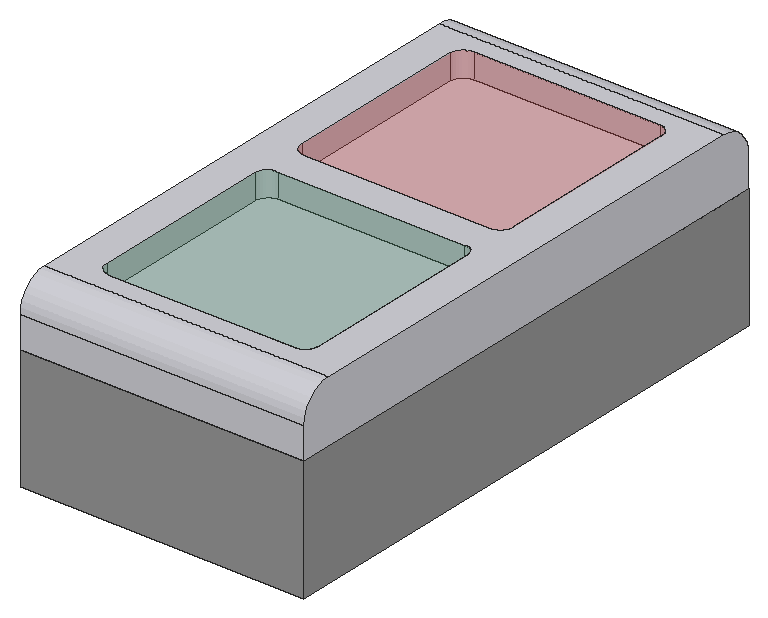
Revit family "Domotics-DomesticRanges-GEWISS-CHORUS_SIGNALLING-LAMP_DOPPIE_1M", category Apparecchi elettrici, host Superficie, Revit 2016
Family settings
  Host = Superficie
  Mantenere orientamento annotazione = Sì
  Tipo di parte = Normale
  Quota connettore circolare = Usa diametro
  Taglio con vuoti quando caricato = Sì
  Condiviso = Sì
  Punto di calcolo locali = Sì
Parameters (values of type "GW14629 - Double red/grn indicator lamp, titanium")
  Version file RFA = "19.0"
  URL = "https://www.gewiss.com/ww/en"
  Tipo_ = Chorus Spie Doppie 1M_GENERICO : GW14629 Spia di segnalazione doppia rosso/verde titanio
  Technical sheet = "https://www.gewiss.com/ww/en/search?q=GW14629"
  Simbolo [instance] = yes
  Signalling unit = "With wired lead"
  SEO = "Indicator"
  Realized by GEWISS S.p.A. = ""
  Default Elevation = 1219.2 mm
  Produttore = "GEWISS S.p.A."
  Offset_spie [instance] = 10 mm
  Offset_bidimensionale [instance] = 2 mm
  No. Chorus modules: = "1"
  No. Chorus modules = "1"
  Modello = "GW14629"
  Immagine tipo = GW14629.jpg
  IFC.TypeObject = ""
  IFC.ExportType = ""
  IFC.ExportAs = ""
  IDT = "d8a86530-3b18-4f53-a409-0b95887879fe"
  IDF = "08717724-49fc-4206-85ed-fa04fe0284d9"
  Electrocod = "0132"
  EAN code = "8011564268531"
  Distanza_effettiva_x [instance] = 1500 mm - Distanza_x  # 1500 mm
  Distanza_x [instance] = 0 mm
  Diffuser colour = "Red/green"
  Descrizione = "DOUBLE RED/GRN INDICATOR LAMP, TITANIUM"
  Description. = "Double flat indicator lamp"
  Colour = "Titanium"
  Catalogue Range = "CHORUS - DOMESTIC RANGE"
  Catalogue = "DOMOTICS"
  COBie.Tagnumber = ""
  COBie.CreatedOn = ""
  COBie.CreatebBy = ""
  COBie.ComponentRegisterItemID = ""
  COBie.Component.TagNumber = ""
  COBie.Component.Space = ""
  COBie.Component.SerialNumber = ""
  COBie.Component.InstallationDate = ""
  COBie.Component.Description = ""
  COBie.Component.BarCode = ""
Types (6, lengths in mm): name | Tipo_ | Technical sheet | Offset_spie | Modello | Immagine tipo | IDT | EAN code | Diffuser colour | Descrizione | Colour
  GW10628 - Double transparent indicator lamp, white | Chorus Spie Doppie 1M_GENERICO : GW10628 Spia di segnalazione doppia trasparente bianco | "https://www.gewiss.com/ww/en/search?q=GW10628" | 0 | "GW10628" | GW10628.jpg | "d3427fb9-f8cd-44ad-8d6d-73d6785038e4" | "8011564259645" | "Opal" | "DOUBLE TRANSPARENT INDICATOR LAMP, WHITE" | "White"
  GW10629 - Double red/green indicator lamp, white | Chorus Spie Doppie 1M_GENERICO : GW10629 Spia di segnalazione doppia rosso/verde bianco | "https://www.gewiss.com/ww/en/search?q=GW10629" | 10 | "GW10629" | GW10629.jpg | "4ddfc036-2bdb-421a-824d-3150ee5207a7" | "8011564259652" | "Red/green" | "DOUBLE RED/GREEN INDICATOR LAMP, WHITE" | "White"
  GW12628 - Double transparent indicator lamp, black | Chorus Spie Doppie 1M_GENERICO : GW12628 Spia di segnalazione doppia trasparente nero | "https://www.gewiss.com/ww/en/search?q=GW12628" | 10 | "GW12628" | GW12628.jpg | "c74ec2f5-6c78-4e6e-ac0a-1408a7ca0df9" | "8011564269279" | "Opal" | "DOUBLE TRANSPARENT INDICATOR LAMP, BLACK" | "Black"
  GW12629 - Double red/green indicator lamp, black | Chorus Spie Doppie 1M_GENERICO : GW12629 Spia di segnalazione doppia rosso/verde nero | "https://www.gewiss.com/ww/en/search?q=GW12629" | 10 | "GW12629" | GW12629.jpg | "db2f37fc-2e8d-48bb-b5b3-63de6b4f7717" | "8011564269286" | "Red/green" | "DOUBLE RED/GREEN INDICATOR LAMP, BLACK" | "Black"
  GW14628 - Double transp indicator lamp, titanium | Chorus Spie Doppie 1M_GENERICO : GW14628 Spia di segnalazione doppia trasparente titanio | "https://www.gewiss.com/ww/en/search?q=GW14628" | 10 | "GW14628" | GW14628.jpg | "3efe8a7d-f345-4ee7-a812-cc5cd0ef4b0f" | "8011564268524" | "Opal" | "DOUBLE TRANSP INDICATOR LAMP, TITANIUM" | "Titanium"
  GW14629 - Double red/grn indicator lamp, titanium | Chorus Spie Doppie 1M_GENERICO : GW14629 Spia di segnalazione doppia rosso/verde titanio | "https://www.gewiss.com/ww/en/search?q=GW14629" | 10 | "GW14629" | GW14629.jpg | "d8a86530-3b18-4f53-a409-0b95887879fe" | "8011564268531" | "Red/green" | "DOUBLE RED/GRN INDICATOR LAMP, TITANIUM" | "Titanium"
Reference planes
  plane 1 "Centro (Fronte/Retro)": y = 0
  plane 2: z = 0
  plane 3 "Centro (Sinistra/Destra)": x = 0
  plane 4: x = 0
  plane 5: x = -1500
  plane 6: z = 25
  plane 7: z = 10
  plane 8: z = 27
  plane 9: x = -11.5
  plane 10: x = 11.5
Lines and regions (mm)
  Masking region 1
    outline origin (0, 0, 0) x (1, 0, 0) y (0, 0, 1)
      loop
        line (-11.5, 25) -> (-11.5, 10) -> (11.5, 10) -> (11.5, 25) -> (-11.5, 25)
  model lines, style "ElectricalFixtures", not visible, detail levels coarse
    curve 1: arc (-107.525, 18.484, 0) -> (-108.277, 18.172, 0) -> (-108.588, 17.42, 0) r 1.064
    curve 2: arc (-92.476, 1.296, 0) -> (-91.721, 1.609, 0) -> (-91.408, 2.364, 0) r 1.068
    curve 3: arc (-91.408, 17.419, 0) -> (-91.72, 18.172, 0) -> (-92.473, 18.484, 0) r 1.065
    curve 4: arc (-108.588, 2.354, 0) -> (-108.292, 1.619, 0) -> (-107.569, 1.296, 0) r 1.058
    curve 5: arc (-108.594, -17.418, 0) -> (-108.282, -18.172, 0) -> (-107.528, -18.485, 0) r 1.066
    curve 6: arc (-91.411, -2.371, 0) -> (-91.722, -1.62, 0) -> (-92.472, -1.309, 0) r 1.062
    curve 7: arc (-92.475, -18.485, 0) -> (-91.722, -18.173, 0) -> (-91.411, -17.42, 0) r 1.064
    curve 8: arc (-107.565, -1.309, 0) -> (-108.295, -1.638, 0) -> (-108.594, -2.381, 0) r 1.073
    curve 9: line (-88.5, -22.5, 0) -> (-88.5, 22.5, 0)
    curve 10: line (-88.5, 22.5, 0) -> (-111.5, 22.5, 0)
    curve 11: line (-111.5, 22.5, 0) -> (-111.5, -22.5, 0)
    curve 12: line (-111.5, -22.5, 0) -> (-88.5, -22.5, 0)
    curve 13: line (-92.476, 1.296, 0) -> (-107.569, 1.296, 0)
    curve 14: line (-91.408, 17.419, 0) -> (-91.408, 2.364, 0)
    curve 15: line (-107.525, 18.484, 0) -> (-92.473, 18.484, 0)
    curve 16: line (-108.588, 2.354, 0) -> (-108.588, 17.42, 0)
    curve 17: line (-92.472, -1.309, 0) -> (-107.565, -1.309, 0)
    curve 18: line (-91.411, -17.42, 0) -> (-91.411, -2.371, 0)
    curve 19: line (-107.528, -18.485, 0) -> (-92.475, -18.485, 0)
    curve 20: line (-108.594, -2.381, 0) -> (-108.594, -17.418, 0)
  model lines, style "ElectricalFixtures", detail levels coarse
    curve 21: arc (-7.525, 18.484, 27) -> (-8.277, 18.172, 27) -> (-8.588, 17.42, 27) r 1.064
    curve 22: arc (7.524, 1.296, 27) -> (8.279, 1.609, 27) -> (8.592, 2.364, 27) r 1.068
    curve 23: arc (8.592, 17.419, 27) -> (8.28, 18.172, 27) -> (7.527, 18.484, 27) r 1.065
    curve 24: arc (-8.588, 2.354, 27) -> (-8.292, 1.619, 27) -> (-7.569, 1.296, 27) r 1.058
    curve 25: arc (-8.594, -17.418, 27) -> (-8.282, -18.172, 27) -> (-7.528, -18.485, 27) r 1.066
    curve 26: arc (8.589, -2.371, 27) -> (8.278, -1.62, 27) -> (7.528, -1.309, 27) r 1.062
    curve 27: arc (7.525, -18.485, 27) -> (8.278, -18.173, 27) -> (8.589, -17.42, 27) r 1.064
    curve 28: arc (-7.565, -1.309, 27) -> (-8.295, -1.638, 27) -> (-8.594, -2.381, 27) r 1.073
    curve 29: line (11.5, -22.5, 27) -> (11.5, 22.5, 27)
    curve 30: line (11.5, 22.5, 27) -> (-11.5, 22.5, 27)
    curve 31: line (-11.5, 22.5, 27) -> (-11.5, -22.5, 27)
    curve 32: line (-11.5, -22.5, 27) -> (11.5, -22.5, 27)
    curve 33: line (7.524, 1.296, 27) -> (-7.569, 1.296, 27)
    curve 34: line (8.592, 17.419, 27) -> (8.592, 2.364, 27)
    curve 35: line (-7.525, 18.484, 27) -> (7.527, 18.484, 27)
    curve 36: line (-8.588, 2.354, 27) -> (-8.588, 17.42, 27)
    curve 37: line (7.528, -1.309, 27) -> (-7.565, -1.309, 27)
    curve 38: line (8.589, -17.42, 27) -> (8.589, -2.371, 27)
    curve 39: line (-7.528, -18.485, 27) -> (7.525, -18.485, 27)
    curve 40: line (-8.594, -2.381, 27) -> (-8.594, -17.418, 27)
Dimensions and locks
  "Distanza_x": plane 4 to plane 3 "Centro (Sinistra/Destra)"
  "Distanza_effettiva_x": plane 5 to plane 4
  plane 5 to plane 3 "Centro (Sinistra/Destra)" = 1500 mm
  "Offset_spie": plane 7 to plane 2
  "Offset_bidimensionale": plane 8 to plane 6
  locked: plane 6 to plane 7 at 15
  aligned and locked: plane 2 to host face
  aligned and locked: level to host face
  aligned and locked: plane 3 "Centro (Sinistra/Destra)" to nested 1
  aligned and locked: plane 4 to nested 2
  aligned and locked: curve 32 to plane 8
  aligned and locked: plane 6 to nested 1
  aligned and locked: Masking region 1 sketch curve to plane 6
  aligned and locked: plane 9 to Masking region 1 sketch curve
  aligned and locked: plane 7 to Masking region 1 sketch curve
  aligned and locked: Masking region 1 sketch curve to plane 10
Automatic sketch dimensions
  host sketch curve to host sketch curve = 2438.4 mm  (x2)
  curve 11 to curve 20 = 2.906 mm
  curve 8 to curve 16 = 0.006 mm
  curve 16 to curve 13 = 1.019 mm
  curve 20 to curve 17 = 1.029 mm
  curve 16 to curve 4 = 1.058 mm
  curve 20 to curve 5 = 1.066 mm
  curve 16 to curve 1 = 1.064 mm
  curve 20 to curve 8 = 1.073 mm
  curve 4 to curve 2 = 15.054 mm
  curve 5 to curve 19 = 15.053 mm
  curve 1 to curve 3 = 15.052 mm
  curve 2 to curve 17 = 0.004 mm
  curve 6 to curve 18 = 1.062 mm
  curve 2 to curve 14 = 1.068 mm
  curve 15 to curve 10 = 3.973 mm
  curve 9 to curve 19 = 4.015 mm
  curve 5 to curve 20 = 15.037 mm
  curve 8 to curve 13 = 2.605 mm
  curve 2 to curve 14 = 15.055 mm
  curve 15 to curve 9 = 4.016 mm
  curve 31 to curve 40 = 2.906 mm
  curve 28 to curve 36 = 0.006 mm
  curve 36 to curve 33 = 1.019 mm
  curve 40 to curve 37 = 1.029 mm
  curve 36 to curve 24 = 1.058 mm
  curve 40 to curve 25 = 1.066 mm
  curve 36 to curve 21 = 1.064 mm
  curve 40 to curve 28 = 1.073 mm
  curve 24 to curve 22 = 15.054 mm
  curve 25 to curve 39 = 15.053 mm
  curve 21 to curve 23 = 15.052 mm
  curve 22 to curve 37 = 0.004 mm
  curve 26 to curve 38 = 1.062 mm
  curve 22 to curve 34 = 1.068 mm
  curve 35 to curve 30 = 3.973 mm
  curve 29 to curve 39 = 4.015 mm
  curve 25 to curve 40 = 15.037 mm
  curve 28 to curve 33 = 2.605 mm
  curve 22 to curve 34 = 15.055 mm
  curve 35 to curve 29 = 4.016 mm
Nested families
  nested 1: "Chorus Spie Doppie 1M_GENERICO" at (0, 0, 10), type <- "Tipo_", type "GW14629 Spia di segnalazione doppia rosso/verde titanio", detail levels medium+fine
  nested 2: "SPIE" at (0, -49.172, 0), SIMBOLO <- "Simbolo", type "SPIE DOPPIE"
    with SIMBOLO yes, Distanza dal muro 2 mm, BORDO ACCESO yes
Definition of nested family "Chorus Spie Doppie 1M_GENERICO"
  Parameters (values of type "GW10629 Spia di segnalazione doppia rosso/verde bianco")
    Sp_base = 10 mm
    Finitura Chorus Spia Doppia Trasparente Sopra = none
    Finitura Chorus Doppia Trasparente sotto = none
    Finitura Chorus Doppia Spia Placca = none
    Altezza da Terra = 750 mm
  Types (6): name
    GW10628 Spia di segnalazione doppia trasparente bianco
    GW10629 Spia di segnalazione doppia rosso/verde bianco
    GW12628 Spia di segnalazione doppia trasparente nero
    GW12629 Spia di segnalazione doppia rosso/verde nero
    GW14628 Spia di segnalazione doppia trasparente titanio
    GW14629 Spia di segnalazione doppia rosso/verde titanio
  Reference planes
    plane 1 "Centro (Fronte/Retro)": y = 0
    plane 2: z = 0
    plane 3 "Centro (Sinistra/Destra)": x = 0
    plane 4: x = -11.5
    plane 5: x = 11.5
    plane 6: z = 10
    plane 7: z = 13
    plane 8: y = 22.5
    plane 9: y = -22.5
  Forms (mm)
    Extrusion 1, solid, material <- "Finitura Chorus Doppia Spia Placca"
      sketch origin (0, -772.5, 16.25) x (0, 0, -1) y (0, 1, 0)
        loop
          line (3.75, 750) -> (6.25, 750) -> (6.25, 795) -> (3.75, 795)
          arc (3.75, 795) -> (1.982, 794.268) -> (1.25, 792.5) r 2.5
          line (1.25, 792.5) -> (1.25, 752.5)
          arc (1.25, 752.5) -> (1.982, 750.732) -> (3.75, 750) r 2.5
      from -11.5 to 11.5
    Extrusion 2, void
      sketch origin (0, -772.5, 16.25) x (1, 0, 0) y (0, 1, 0)
        loop
          arc (-7.525, 790.984) -> (-8.277, 790.672) -> (-8.588, 789.92) r 1.064
          line (-8.588, 789.92) -> (-8.588, 774.854)
          arc (-8.588, 774.854) -> (-8.292, 774.119) -> (-7.569, 773.796) r 1.058
          line (-7.569, 773.796) -> (7.524, 773.796)
          arc (7.524, 773.796) -> (8.279, 774.109) -> (8.592, 774.864) r 1.068
          line (8.592, 774.864) -> (8.592, 789.919)
          arc (8.592, 789.919) -> (8.28, 790.672) -> (7.527, 790.984) r 1.065
          line (7.527, 790.984) -> (-7.525, 790.984)
        loop
          line (7.528, 771.191) -> (-7.565, 771.191)
          arc (-7.565, 771.191) -> (-8.295, 770.862) -> (-8.594, 770.119) r 1.073
          line (-8.594, 770.119) -> (-8.594, 755.082)
          arc (-8.594, 755.082) -> (-8.282, 754.328) -> (-7.528, 754.015) r 1.066
          line (-7.528, 754.015) -> (7.525, 754.015)
          arc (7.525, 754.015) -> (8.278, 754.327) -> (8.589, 755.08) r 1.064
          line (8.589, 755.08) -> (8.589, 770.129)
          arc (8.589, 770.129) -> (8.278, 770.88) -> (7.528, 771.191) r 1.062
      from -3.25 to 0
    Extrusion 3, solid, material <- "Finitura Chorus Spia Doppia Trasparente Sopra"
      sketch origin (0, -772.5, 16.25) x (1, 0, 0) y (0, 1, 0)
        loop
          arc (-7.525, 790.984) -> (-8.277, 790.672) -> (-8.588, 789.92) r 1.064
          line (-8.588, 789.92) -> (-8.588, 774.854)
          arc (-8.588, 774.854) -> (-8.292, 774.119) -> (-7.569, 773.796) r 1.058
          line (-7.569, 773.796) -> (7.524, 773.796)
          arc (7.524, 773.796) -> (8.279, 774.109) -> (8.592, 774.864) r 1.068
          line (8.592, 774.864) -> (8.592, 789.919)
          arc (8.592, 789.919) -> (8.28, 790.672) -> (7.527, 790.984) r 1.065
          line (7.527, 790.984) -> (-7.525, 790.984)
      from -3.25 to -1.25
    Extrusion 4, solid, material <- "Finitura Chorus Doppia Trasparente sotto"
      sketch origin (0, -772.5, 16.25) x (1, 0, 0) y (0, 1, 0)
        loop
          arc (-7.565, 771.191) -> (-8.295, 770.862) -> (-8.594, 770.119) r 1.073
          line (-8.594, 770.119) -> (-8.594, 755.082)
          arc (-8.594, 755.082) -> (-8.282, 754.328) -> (-7.528, 754.015) r 1.066
          line (-7.528, 754.015) -> (7.525, 754.015)
          arc (7.525, 754.015) -> (8.278, 754.327) -> (8.589, 755.08) r 1.064
          line (8.589, 755.08) -> (8.589, 770.129)
          arc (8.589, 770.129) -> (8.278, 770.88) -> (7.528, 771.191) r 1.062
          line (7.528, 771.191) -> (-7.565, 771.191)
      from -3.25 to -1.25
    Extrusion 5, solid, material <- "Finitura Chorus Doppia Spia Placca", not visible
      sketch origin (0, -772.5, 5) x (0, 0, -1) y (0, 1, 0)
        loop
          line (2.5, 750) -> (5, 750) -> (5, 795) -> (2.5, 795)
          arc (2.5, 795) -> (0.732, 794.268) -> (0, 792.5) r 2.5
          line (0, 792.5) -> (0, 752.5)
          arc (0, 752.5) -> (0.732, 750.732) -> (2.5, 750) r 2.5
      from -11.5 to 11.5
    Extrusion 6, void, not visible
      sketch origin (0, -772.5, 5) x (1, 0, 0) y (0, 1, 0)
        loop
          arc (-7.525, 790.984) -> (-8.277, 790.672) -> (-8.588, 789.92) r 1.064
          line (-8.588, 789.92) -> (-8.588, 774.854)
          arc (-8.588, 774.854) -> (-8.292, 774.119) -> (-7.569, 773.796) r 1.058
          line (-7.569, 773.796) -> (7.524, 773.796)
          arc (7.524, 773.796) -> (8.279, 774.109) -> (8.592, 774.864) r 1.068
          line (8.592, 774.864) -> (8.592, 789.919)
          arc (8.592, 789.919) -> (8.28, 790.672) -> (7.527, 790.984) r 1.065
          line (7.527, 790.984) -> (-7.525, 790.984)
        loop
          line (7.528, 771.191) -> (-7.565, 771.191)
          arc (-7.565, 771.191) -> (-8.295, 770.862) -> (-8.594, 770.119) r 1.073
          line (-8.594, 770.119) -> (-8.594, 755.082)
          arc (-8.594, 755.082) -> (-8.282, 754.328) -> (-7.528, 754.015) r 1.066
          line (-7.528, 754.015) -> (7.525, 754.015)
          arc (7.525, 754.015) -> (8.278, 754.327) -> (8.589, 755.08) r 1.064
          line (8.589, 755.08) -> (8.589, 770.129)
          arc (8.589, 770.129) -> (8.278, 770.88) -> (7.528, 771.191) r 1.062
      from -2 to 0
    Extrusion 7, solid
      sketch origin (0, 0, 0) x (1, 0, 0) y (0, 1, 0)
        loop
          line (-11.5, 22.5) -> (-11.5, -22.5) -> (11.5, -22.5) -> (11.5, 22.5) -> (-11.5, 22.5)
      from 0 to 10
  Cuts and joins
    Extrusion 2 cuts Extrusion 1
  Dimensions and locks
    equal spacing: plane 4, plane 3 "Centro (Sinistra/Destra)", plane 5
    locked: plane 4 to plane 5 at 23
    "Sp_base": plane 6 to plane 2
    locked: Extrusion 4 to plane 7 at 2
    locked: plane 7 to plane 6 at 3
    aligned and locked: level to plane 2
    aligned and locked: plane 4 to Extrusion 1
    aligned and locked: Extrusion 1 to plane 5
    aligned and locked: Extrusion 2 to plane 7
    aligned and locked: Extrusion 3 to plane 7
    aligned and locked: Extrusion 4 to plane 7
    aligned and locked: plane 6 to cut or joined group of Extrusion 1, Extrusion 2
    aligned and locked: Extrusion 3 to Extrusion 4
    aligned and locked: plane 9 to Extrusion 7 sketch curve
    aligned and locked: plane 5 to Extrusion 7 sketch curve
    aligned and locked: Extrusion 7 sketch curve to plane 8
    aligned and locked: plane 4 to Extrusion 7 sketch curve
    aligned and locked: Extrusion 7 to plane 2
    aligned and locked: Extrusion 7 to plane 6
  Automatic sketch dimensions
    Extrusion 2 sketch curve to Extrusion 2 sketch curve = 1.019 mm
    Extrusion 2 sketch curve to Extrusion 2 sketch curve = 1.029 mm
    Extrusion 2 sketch curve to Extrusion 2 sketch curve = 0.04 mm
    Extrusion 2 sketch curve to Extrusion 2 sketch curve = 1.066 mm
    Extrusion 2 sketch curve to Extrusion 2 sketch curve = 1.064 mm  (x2)
    Extrusion 2 sketch curve to Extrusion 2 sketch curve = 0.044 mm
    Extrusion 2 sketch curve to Extrusion 2 sketch curve = 0.004 mm
    Extrusion 2 sketch curve to Extrusion 2 sketch curve = 1.062 mm
    Extrusion 2 sketch curve to Extrusion 2 sketch curve = 1.068 mm
    Extrusion 2 sketch curve to Extrusion 2 sketch curve = 15.037 mm
    Extrusion 2 sketch curve to Extrusion 2 sketch curve = 15.055 mm
    Extrusion 3 sketch curve to Extrusion 3 sketch curve = 1.019 mm
    Extrusion 3 sketch curve to Extrusion 3 sketch curve = 1.058 mm
    Extrusion 3 sketch curve to Extrusion 3 sketch curve = 1.064 mm
    Extrusion 3 sketch curve to Extrusion 3 sketch curve = 1.065 mm
    Extrusion 3 sketch curve to Extrusion 3 sketch curve = 15.055 mm
    Extrusion 4 sketch curve to Extrusion 4 sketch curve = 1.029 mm
    Extrusion 4 sketch curve to Extrusion 4 sketch curve = 1.066 mm
    Extrusion 4 sketch curve to Extrusion 4 sketch curve = 0.044 mm
    Extrusion 4 sketch curve to Extrusion 4 sketch curve = 1.064 mm
    Extrusion 1 sketch curve to Extrusion 1 sketch curve = 2.5 mm  (x3)
    Extrusion 1 sketch curve to Extrusion 1 sketch curve = 40 mm
    Extrusion 2 sketch curve to Extrusion 2 sketch curve = 1.023 mm
    Extrusion 2 sketch curve to Extrusion 2 sketch curve = 15.054 mm
    Extrusion 2 sketch curve to Extrusion 2 sketch curve = 1.065 mm
    Extrusion 2 sketch curve to Extrusion 2 sketch curve = 2.605 mm
    Extrusion 3 sketch curve to Extrusion 3 sketch curve = 15.054 mm
    Extrusion 3 sketch curve to Extrusion 3 sketch curve = 15.052 mm
    Extrusion 4 sketch curve to Extrusion 4 sketch curve = 15.053 mm
    Extrusion 4 sketch curve to Extrusion 4 sketch curve = 1.062 mm
    Extrusion 4 sketch curve to Extrusion 4 sketch curve = 15.037 mm
    Extrusion 6 sketch curve to Extrusion 6 sketch curve = 1.019 mm
    Extrusion 6 sketch curve to Extrusion 6 sketch curve = 1.029 mm
    Extrusion 6 sketch curve to Extrusion 6 sketch curve = 0.04 mm
    Extrusion 6 sketch curve to Extrusion 6 sketch curve = 1.066 mm
    Extrusion 6 sketch curve to Extrusion 6 sketch curve = 1.064 mm  (x2)
    Extrusion 6 sketch curve to Extrusion 6 sketch curve = 0.044 mm
    Extrusion 6 sketch curve to Extrusion 6 sketch curve = 0.004 mm
    Extrusion 6 sketch curve to Extrusion 6 sketch curve = 1.062 mm
    Extrusion 6 sketch curve to Extrusion 6 sketch curve = 1.068 mm
    Extrusion 6 sketch curve to Extrusion 6 sketch curve = 15.037 mm
    Extrusion 6 sketch curve to Extrusion 6 sketch curve = 15.055 mm
    Extrusion 5 sketch curve to Extrusion 5 sketch curve = 2.5 mm  (x3)
    Extrusion 5 sketch curve to Extrusion 5 sketch curve = 40 mm
    Extrusion 6 sketch curve to Extrusion 6 sketch curve = 1.023 mm
    Extrusion 6 sketch curve to Extrusion 6 sketch curve = 15.054 mm
    Extrusion 6 sketch curve to Extrusion 6 sketch curve = 1.065 mm
    Extrusion 6 sketch curve to Extrusion 6 sketch curve = 2.605 mm
    plane 4 to Extrusion 4 sketch curve = 2.906 mm
    plane 1 "Centro (Fronte/Retro)" to Extrusion 4 sketch curve = 18.485 mm
    plane 4 to Extrusion 3 sketch curve = 2.912 mm
    Extrusion 3 sketch curve to plane 1 "Centro (Fronte/Retro)" = 1.296 mm
    plane 6 to Extrusion 1 sketch curve = 0 mm
    plane 1 "Centro (Fronte/Retro)" to Extrusion 1 sketch curve = 22.5 mm
    plane 4 to Extrusion 2 sketch curve = 2.906 mm
    plane 1 "Centro (Fronte/Retro)" to Extrusion 2 sketch curve = 18.485 mm
Definition of nested family "SPIE"
  Parameters (values of type "SPIE")
    tipo = SPIE_BASE : SPIE
    SIMBOLO [instance] = yes
    Distanza dal muro [instance] = 2 mm
    BORDO ACCESO [instance] = yes
  Types (2): name
    SPIE DOPPIE
    SPIE
  Reference planes
    plane 1: y = 0
    plane 2: x = 0
  Lines and regions (mm)
    detail lines, visible <- "BORDO ACCESO", not visible
      curve 1: line (-2.25, 0.412, 0) -> (2.25, 0.412, 0)
      curve 2: line (2.25, 0.412, 0) -> (2.25, -5.588, 0)
      curve 3: line (2.25, -5.588, 0) -> (-2.25, -5.588, 0)
      curve 4: line (-2.25, -5.588, 0) -> (-2.25, 0.412, 0)
      curve 30: line (-1.85, 0.012, 0) -> (1.85, 0.012, 0)
      curve 31: line (1.85, 0.012, 0) -> (1.85, -5.188, 0)
      curve 32: line (1.85, -5.188, 0) -> (-1.85, -5.188, 0)
      curve 33: line (-1.85, -5.188, 0) -> (-1.85, 0.012, 0)
      curve 34: line (-2.25, 6, 0) -> (2.25, 6, 0)
      curve 35: line (2.25, 6, 0) -> (2.25, 0, 0)
      curve 36: line (2.25, 0, 0) -> (-2.25, 0, 0)
      curve 37: line (-2.25, 0, 0) -> (-2.25, 6, 0)
      curve 61: line (-1.85, 5.6, 0) -> (1.85, 5.6, 0)
      curve 62: line (1.85, 5.6, 0) -> (1.85, 0.4, 0)
      curve 63: line (1.85, 0.4, 0) -> (-1.85, 0.4, 0)
      curve 64: line (-1.85, 0.4, 0) -> (-1.85, 5.6, 0)
      curve 65: line (-2.443, 10.208, 0) -> (2.057, 10.208, 0)
      curve 66: line (2.057, 10.208, 0) -> (2.057, 4.208, 0)
      curve 67: line (2.057, 4.208, 0) -> (-2.443, 4.208, 0)
      curve 68: line (-2.443, 4.208, 0) -> (-2.443, 10.208, 0)
      curve 69: line (-2.043, 9.808, 0) -> (1.657, 9.808, 0)
      curve 70: line (1.657, 9.808, 0) -> (1.657, 4.608, 0)
      curve 71: line (1.657, 4.608, 0) -> (-2.043, 4.608, 0)
      curve 72: line (-2.043, 4.608, 0) -> (-2.043, 9.808, 0)
    detail lines, not visible
      curve 5: line (-9.473, -5.588, 0) -> (10.527, -5.588, 0)
      curve 6: circle (-0.56, -0.487, 0) r 0.969 normal (0, 0, 1)
      curve 7: line (-0.005, 0.306, 0) -> (0.852, 1.529, 0)
      curve 8: line (0.852, 1.529, 0) -> (1.529, 1.047, 0)
      curve 9: circle (-0.56, -315.487, 0) r 0.969 normal (0, 0, 1)
      curve 10: line (-0.005, -314.694, 0) -> (0.852, -313.471, 0)
      curve 11: line (0.852, -313.471, 0) -> (1.529, -313.953, 0)
      curve 12: line (-1.245, -314.803, 0) -> (0.124, -316.172, 0)
      curve 13: line (0.124, -314.803, 0) -> (-1.245, -316.172, 0)
      curve 14: circle (-0.56, -480.487, 0) r 0.969 normal (0, 0, 1)
      curve 15: line (-0.005, -479.694, 0) -> (0.852, -478.471, 0)
      curve 16: line (0.852, -478.471, 0) -> (1.529, -478.953, 0)
      curve 17: line (0.493, -478.983, 0) -> (1.167, -479.462, 0)
      curve 18: circle (-0.56, -880.487, 0) r 0.969 normal (0, 0, 1)
      curve 19: line (-0.005, -879.694, 0) -> (0.852, -878.471, 0)
      curve 20: line (0.852, -878.471, 0) -> (1.529, -878.953, 0)
      curve 21: line (-1.245, -879.803, 0) -> (0.124, -881.172, 0)
      curve 22: line (0.124, -879.803, 0) -> (-1.245, -881.172, 0)
      curve 23: line (0.493, -878.983, 0) -> (1.167, -879.462, 0)
      curve 24: circle (-0.56, -365.487, 0) r 0.969 normal (0, 0, 1)
      curve 25: line (-0.005, -364.694, 0) -> (0.852, -363.471, 0)
      curve 26: line (0.852, -363.471, 0) -> (1.529, -363.953, 0)
      curve 27: line (-0.56, -364.925, 0) -> (-0.56, -366.05, 0)
      curve 28: line (0.493, -363.983, 0) -> (1.167, -364.462, 0)
      curve 29: line (0, 3.621, 0) -> (0, -16.379, 0)
      curve 38: circle (-0.56, 2.417, 0) r 0.969 normal (0, 0, 1)
      curve 39: line (-0.005, 3.21, 0) -> (0.852, 4.433, 0)
      curve 40: line (0.852, 4.433, 0) -> (1.529, 3.951, 0)
      curve 41: circle (-0.56, 2.417, 0) r 0.969 normal (0, 0, 1)
      curve 42: line (-0.005, 3.21, 0) -> (0.852, 4.433, 0)
      curve 43: line (0.852, 4.433, 0) -> (1.529, 3.951, 0)
      curve 44: line (-1.245, 3.102, 0) -> (0.124, 1.732, 0)
      curve 45: line (0.124, 3.102, 0) -> (-1.245, 1.732, 0)
      curve 46: circle (-0.56, 2.417, 0) r 0.969 normal (0, 0, 1)
      curve 47: line (-0.005, 3.21, 0) -> (0.852, 4.433, 0)
      curve 48: line (0.852, 4.433, 0) -> (1.529, 3.951, 0)
      curve 49: circle (-0.56, 2.417, 0) r 0.969 normal (0, 0, 1)
      curve 50: line (-0.005, 3.21, 0) -> (0.852, 4.433, 0)
      curve 51: line (0.852, 4.433, 0) -> (1.529, 3.951, 0)
      curve 52: line (-1.245, 3.102, 0) -> (0.124, 1.732, 0)
      curve 53: line (0.124, 3.102, 0) -> (-1.245, 1.732, 0)
      curve 54: line (0.493, 3.921, 0) -> (1.167, 3.442, 0)
      curve 55: line (0.493, 3.921, 0) -> (1.167, 3.442, 0)
      curve 56: circle (-0.56, 2.417, 0) r 0.969 normal (0, 0, 1)
      curve 57: line (-0.005, 3.21, 0) -> (0.852, 4.433, 0)
      curve 58: line (0.852, 4.433, 0) -> (1.529, 3.951, 0)
      curve 59: line (-0.56, 2.979, 0) -> (-0.56, 1.854, 0)
      curve 60: line (0.493, 3.921, 0) -> (1.167, 3.442, 0)
  Dimensions and locks
    "Distanza dal muro": plane 1 to nested 1
    aligned and locked: curve 5 to curve 3
    aligned and locked: plane 2 to nested 1
  Nested families
    nested 1: "SPIE_BASE" at (0, 2, 0), BORDO ACCESO <- "BORDO ACCESO", visible <- "SIMBOLO", type "SPIE DOPPIE"
      with BORDO ACCESO yes
  Definition of nested family "SPIE_BASE"
    Parameters (values of type "SPIE")
      SPIE DOPPIE = no
      SPIE = yes
      Distanza dal muro = 4.208 mm
      BORDO ACCESO [instance] = yes
    Types (2, lengths in mm): name | SPIE DOPPIE | SPIE
      SPIE | no | yes
      SPIE DOPPIE | yes | no
    Reference planes
      plane 1: y = 0
      plane 2: x = 0
    Lines and regions (mm)
      detail lines, visible <- "BORDO ACCESO", not visible
        curve 1: line (-2.25, 0.412, 0) -> (2.25, 0.412, 0)
        curve 2: line (2.25, 0.412, 0) -> (2.25, -5.588, 0)
        curve 3: line (2.25, -5.588, 0) -> (-2.25, -5.588, 0)
        curve 4: line (-2.25, -5.588, 0) -> (-2.25, 0.412, 0)
        curve 30: line (-1.85, 0.012, 0) -> (1.85, 0.012, 0)
        curve 31: line (1.85, 0.012, 0) -> (1.85, -5.188, 0)
        curve 32: line (1.85, -5.188, 0) -> (-1.85, -5.188, 0)
        curve 33: line (-1.85, -5.188, 0) -> (-1.85, 0.012, 0)
        curve 34: line (-2.25, 6, 0) -> (2.25, 6, 0)
        curve 35: line (2.25, 6, 0) -> (2.25, 0, 0)
        curve 36: line (2.25, 0, 0) -> (-2.25, 0, 0)
        curve 37: line (-2.25, 0, 0) -> (-2.25, 6, 0)
        curve 61: line (-1.85, 5.6, 0) -> (1.85, 5.6, 0)
        curve 62: line (1.85, 5.6, 0) -> (1.85, 0.4, 0)
        curve 63: line (1.85, 0.4, 0) -> (-1.85, 0.4, 0)
        curve 64: line (-1.85, 0.4, 0) -> (-1.85, 5.6, 0)
        curve 65: line (-2.443, 10.208, 0) -> (2.057, 10.208, 0)
        curve 66: line (2.057, 10.208, 0) -> (2.057, 4.208, 0)
        curve 67: line (2.057, 4.208, 0) -> (-2.443, 4.208, 0)
        curve 68: line (-2.443, 4.208, 0) -> (-2.443, 10.208, 0)
        curve 69: line (-2.043, 9.808, 0) -> (1.657, 9.808, 0)
        curve 70: line (1.657, 9.808, 0) -> (1.657, 4.608, 0)
        curve 71: line (1.657, 4.608, 0) -> (-2.043, 4.608, 0)
        curve 72: line (-2.043, 4.608, 0) -> (-2.043, 9.808, 0)
      detail lines, not visible
        curve 5: line (-9.473, -5.588, 0) -> (10.527, -5.588, 0)
        curve 6: circle (-0.56, -0.487, 0) r 0.969 normal (0, 0, 1)
        curve 7: line (-0.005, 0.306, 0) -> (0.852, 1.529, 0)
        curve 8: line (0.852, 1.529, 0) -> (1.529, 1.047, 0)
        curve 9: circle (-0.56, -315.487, 0) r 0.969 normal (0, 0, 1)
        curve 10: line (-0.005, -314.694, 0) -> (0.852, -313.471, 0)
        curve 11: line (0.852, -313.471, 0) -> (1.529, -313.953, 0)
        curve 12: line (-1.245, -314.803, 0) -> (0.124, -316.172, 0)
        curve 13: line (0.124, -314.803, 0) -> (-1.245, -316.172, 0)
        curve 14: circle (-0.56, -480.487, 0) r 0.969 normal (0, 0, 1)
        curve 15: line (-0.005, -479.694, 0) -> (0.852, -478.471, 0)
        curve 16: line (0.852, -478.471, 0) -> (1.529, -478.953, 0)
        curve 17: line (0.493, -478.983, 0) -> (1.167, -479.462, 0)
        curve 18: circle (-0.56, -880.487, 0) r 0.969 normal (0, 0, 1)
        curve 19: line (-0.005, -879.694, 0) -> (0.852, -878.471, 0)
        curve 20: line (0.852, -878.471, 0) -> (1.529, -878.953, 0)
        curve 21: line (-1.245, -879.803, 0) -> (0.124, -881.172, 0)
        curve 22: line (0.124, -879.803, 0) -> (-1.245, -881.172, 0)
        curve 23: line (0.493, -878.983, 0) -> (1.167, -879.462, 0)
        curve 24: circle (-0.56, -365.487, 0) r 0.969 normal (0, 0, 1)
        curve 25: line (-0.005, -364.694, 0) -> (0.852, -363.471, 0)
        curve 26: line (0.852, -363.471, 0) -> (1.529, -363.953, 0)
        curve 27: line (-0.56, -364.925, 0) -> (-0.56, -366.05, 0)
        curve 28: line (0.493, -363.983, 0) -> (1.167, -364.462, 0)
        curve 29: line (0, 3.621, 0) -> (0, -16.379, 0)
        curve 38: circle (-0.56, 2.417, 0) r 0.969 normal (0, 0, 1)
        curve 39: line (-0.005, 3.21, 0) -> (0.852, 4.433, 0)
        curve 40: line (0.852, 4.433, 0) -> (1.529, 3.951, 0)
        curve 41: circle (-0.56, 2.417, 0) r 0.969 normal (0, 0, 1)
        curve 42: line (-0.005, 3.21, 0) -> (0.852, 4.433, 0)
        curve 43: line (0.852, 4.433, 0) -> (1.529, 3.951, 0)
        curve 44: line (-1.245, 3.102, 0) -> (0.124, 1.732, 0)
        curve 45: line (0.124, 3.102, 0) -> (-1.245, 1.732, 0)
        curve 46: circle (-0.56, 2.417, 0) r 0.969 normal (0, 0, 1)
        curve 47: line (-0.005, 3.21, 0) -> (0.852, 4.433, 0)
        curve 48: line (0.852, 4.433, 0) -> (1.529, 3.951, 0)
        curve 49: circle (-0.56, 2.417, 0) r 0.969 normal (0, 0, 1)
        curve 50: line (-0.005, 3.21, 0) -> (0.852, 4.433, 0)
        curve 51: line (0.852, 4.433, 0) -> (1.529, 3.951, 0)
        curve 52: line (-1.245, 3.102, 0) -> (0.124, 1.732, 0)
        curve 53: line (0.124, 3.102, 0) -> (-1.245, 1.732, 0)
        curve 54: line (0.493, 3.921, 0) -> (1.167, 3.442, 0)
        curve 55: line (0.493, 3.921, 0) -> (1.167, 3.442, 0)
        curve 56: circle (-0.56, 2.417, 0) r 0.969 normal (0, 0, 1)
        curve 57: line (-0.005, 3.21, 0) -> (0.852, 4.433, 0)
        curve 58: line (0.852, 4.433, 0) -> (1.529, 3.951, 0)
        curve 59: line (-0.56, 2.979, 0) -> (-0.56, 1.854, 0)
        curve 60: line (0.493, 3.921, 0) -> (1.167, 3.442, 0)
      detail lines, visible <- "SPIE"
        curve 73: line (-0.354, 1.604, 0) -> (0.354, 0.896, 0)
        curve 74: circle (0, 1.25, 0) r 0.5 normal (0, 0, 1)
        curve 75: line (0.354, 1.604, 0) -> (-0.354, 0.896, 0)
      detail lines, visible <- "SPIE DOPPIE"
        curve 76: line (-0.354, 2.152, 0) -> (0.354, 1.445, 0)
        curve 77: circle (0, 1.799, 0) r 0.5 normal (0, 0, 1)
        curve 78: line (0.354, 2.152, 0) -> (-0.354, 1.445, 0)
        curve 79: line (-0.354, 0.348, 0) -> (0.354, 1.055, 0)
        curve 80: circle (0, 0.701, 0) r 0.5 normal (0, 0, -1)
        curve 81: line (0.354, 0.348, 0) -> (-0.354, 1.055, 0)
    Dimensions and locks
      aligned and locked: curve 5 to curve 3
